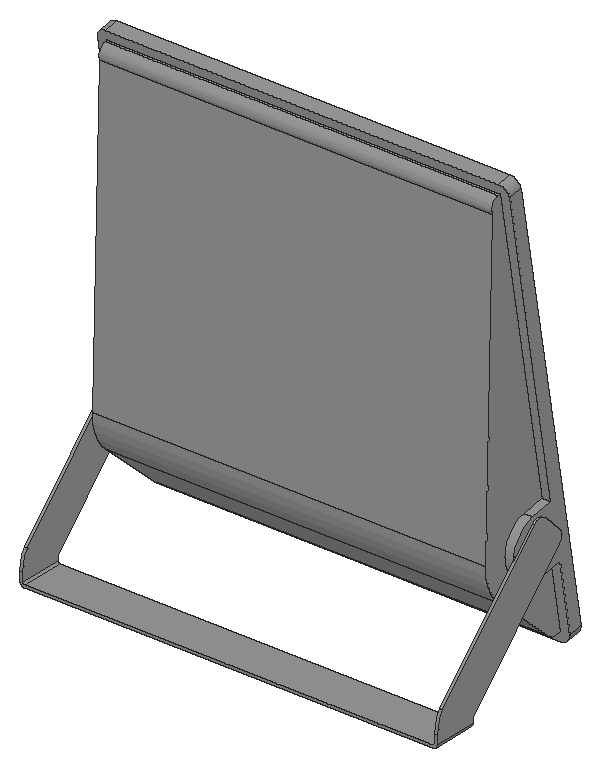
Revit family "0048214", category Lighting Fixtures, host Face, Revit 2017
Family settings
  Host = Face
  Round Connector Dimension = Use Diameter
  Part Type = Normal
  OmniClass Number = 23.80.70.00
  OmniClass Title = Lighting
  Cut with Voids When Loaded = No
  Light Source = No
  Shared = No
  Room Calculation Point = No
Parameters (values of type "0048214 Start Flood IP66 42000lm 740 WB")
  WingRadius_SYL = 10 mm
  WingLength_SYL = if([50W_SYL], 100 mm, if([100W_SYL], 142 mm, if([150W_SYL], 142 mm, if([200W_SYL], 150 mm, 170 mm))))  # 170 mm
  WidthBracket_SYL = 45 mm
  Weight = "9.6 kg"
  Wattage Comments = ""
  WarrantyStartDate [instance] = "n/a"
  WarrantyGuarantorParts = "n/a"
  WarrantyDurationUnit = "n/a"
  WarrantyDurationParts = "n/a"
  WarrantyDescription = "n/a"
  Voltage = 230 V
  URL = "http://www.sylvania-lighting.com"
  TypeName = "Start Flood IP66 42000lm 740 WB"
  TypeHead_SYL = START Flood IP66 300W luminaire : 0048214 Start Flood IP66 42000lm 740 WB
  Type Image = <None>
  Type Comments = "n/a"
  ThicknessBracket_SYL = 3 mm
  SerialNumber [instance] = "n/a"
  RotationAngle_SYL [instance] = -100.00°
  RadiusOutBracket_SYL = 5 mm
  RadiusInBracket_SYL = 2 mm
  Material_3_SYL = none
  PowerFactor = 0.97
  PowerConsumption = "300 W"
  NominalLength = 567 mm
  NominalHeight = 465 mm
  NominalDepth = 97 mm
  Name = "Start Flood IP66 42000lm 740 WB"
  ModelReference = Name  # "Start Flood IP66 42000lm 740 WB"
  ModelNumber = "0048214"
  Model = Name  # "Start Flood IP66 42000lm 740 WB"
  Material = "n/a"
  ManufacturerName = "Feilo Sylvania"
  Manufacturer = "Feilo Sylvania"
  LuminousEfficacy = "145.4 lm/W"
  LuminaireType = ""
  LightOutputRatio = "n/a"
  LengthIn_SYL = if([50W_SYL], 210 mm, if([100W_SYL], 300 mm, if([150W_SYL], 295 mm, if([200W_SYL], 360 mm, 430 mm))))  # 430 mm
  LampsType = Lamp  # "LED"
  LampNominalLuminous = "43619 m"
  LampMacAdamStep = "n/a"
  LampColourTemperature = "4000 K"
  LampColourRenderingIndex = "70"
  Lamp = "LED"
  Keynote = "16500"
  InstallationDate [instance] = "n/a"
  InputVoltage = "n/a"
  InputNominalFrequency = "n/a"
  IngressProtection = "IP66"
  ImpactProtectionIndex = "IK08"
  IfcExportType = "IfcLightFixtureType"
  IfcExportAs = "IfcLightFixtureType"
  EndAngle_SYL [instance] = RotationAngle_SYL + 180.00°  # 80.00°
  ElectricShockClassification = "Class I"
  DocumentationLiterature = "http://www.sylvania-lighting.com/product/en-int/products/0048214"
  DimmingControlOptions = "n/a"
  Material_2_SYL = none
  Description = ""
  Default Elevation = 1219.2 mm
  CreatedOn = "2/1/2019"
  CreatedBy = "@sylvania-lighting.com"
  Cost = 0
  built-in parameter 1114216 [instance] = (empty or 0)
  ClassificationValue = "EF_70_80"
  ClassificationName = "Uniclass2015"
  Material_1_SYL = Steel, Paint Finish, Dark Gray, Matte
  BarCode [instance] = "n/a"
  AxisOffsetWingEnd_SYL = WidthBracket_SYL / 2  # 22.5 mm
  AxisHeight_SYL = sin(45.00°) * WingLength_SYL  # 120.208 mm
  AxisDepth_SYL = cos(45.00°) * (WingLength_SYL - tan(45.00°) * AxisOffsetWingEnd_SYL - AxisOffsetWingEnd_SYL)  # 88.388 mm
  AssetType = "Fixed"
  AssetIdentifier [instance] = "n/a"
  Assembly Code = "D5020200"
  Apparent Load = 300 VA
  Material_4_SYL = none
  50W_SYL = no
  200W_SYL = no
  150W_SYL = no
  100W_SYL = no
Reference planes
  plane 1 "Center (Front/Back)": y = 0
  plane 2: z = 0
  plane 3 "Center (Left/Right)": x = 0
  plane 4: x = 218
  plane 5: x = -218
  plane 6: x = 215
  plane 7: x = -215
  plane 8: z = 10
  plane 9: y = 22.5
  plane 10: y = -22.5
  plane 11: z = 3
  plane 12: z = 130.208
  plane 13: y = 110.888
Forms (mm)
  Extrusion 1, solid, material "Steel, Paint Finish, Dark Gray, Matte" <- "Material_1_SYL"
    sketch origin (0, 0, 0) x (1, 0, 0) y (0, 0, 1)
      loop
        arc (213, 0) -> (216.536, 1.464) -> (218, 5) r 5
        line (218, 5) -> (218, 10) -> (215, 10) -> (215, 5)
        arc (215, 5) -> (214.414, 3.586) -> (213, 3) r 2
        line (213, 3) -> (-213, 3)
        arc (-213, 3) -> (-214.414, 3.586) -> (-215, 5) r 2
        line (-215, 5) -> (-215, 10) -> (-218, 10) -> (-218, 5)
        arc (-218, 5) -> (-216.536, 1.464) -> (-213, 0) r 5
        line (-213, 0) -> (213, 0)
    from -22.5 to 22.5
  Extrusion 2, solid, material "Steel, Paint Finish, Dark Gray, Matte" <- "Material_1_SYL"
    sketch origin (215, -4572, 2609.058) x (0, 0, 1) y (0, -1, 0)
      loop
        line (-2599.058, -4594.5) -> (-2485.921, -4707.637)
        arc (-2485.921, -4707.637) -> (-2478.85, -4710.566) -> (-2471.779, -4707.637) r 10
        line (-2471.779, -4707.637) -> (-2454.101, -4689.959)
        arc (-2454.101, -4689.959) -> (-2451.172, -4682.888) -> (-2454.101, -4675.817) r 10
        line (-2454.101, -4675.817) -> (-2574.561, -4555.358)
        arc (-2574.561, -4555.358) -> (-2584.325, -4550.994) -> (-2594.916, -4549.5) r 38.295
        line (-2594.916, -4549.5) -> (-2599.058, -4549.5) -> (-2599.058, -4594.5)
    from 0 to 3
  Extrusion 3, solid, material "Steel, Paint Finish, Dark Gray, Matte" <- "Material_1_SYL"
    sketch origin (-218, -4572, 2609.058) x (0, 0, 1) y (0, -1, 0)
      loop
        arc (-2485.921, -4707.637) -> (-2478.85, -4710.566) -> (-2471.779, -4707.637) r 10
        line (-2471.779, -4707.637) -> (-2454.101, -4689.959)
        arc (-2454.101, -4689.959) -> (-2451.172, -4682.888) -> (-2454.101, -4675.817) r 10
        line (-2454.101, -4675.817) -> (-2574.561, -4555.358)
        arc (-2574.561, -4555.358) -> (-2584.325, -4550.994) -> (-2594.916, -4549.5) r 38.295
        line (-2594.916, -4549.5) -> (-2604.058, -4549.5) -> (-2604.058, -4594.5) -> (-2599.058, -4594.5) -> (-2485.921, -4707.637)
    from 0 to 3
  Revolve 4, solid, not visible
    sketch origin (1223.4, -4572, 130.208) x (0, -1, 0) y (1, 0, 0)
      loop
        line (-4682.888, -1223.4) -> (-4697.888, -1223.4) -> (-4697.888, -1273.4) -> (-4682.888, -1273.4) -> (-4682.888, -1223.4)
      axis (-4682.888, -1223.4) -> (-4682.888, -1273.4)
    angle from -100 <- "RotationAngle_SYL" to 80 <- "EndAngle_SYL"
Cuts and joins
  joined: Extrusion 1, Extrusion 2, Extrusion 3
Lines and regions (mm)
  reference lines
    curve 1: line (0, 22.5, 10) -> (0, 174.528, 162.028)
    curve 2: line (0, 131.244, 182.383) -> (0, -22.5, 28.64)
    curve 3: line (0, 110.888, 162.028) -> (0, 142.708, 130.208)
    curve 4: line (-218, 4.393, 23.713) -> (-218, 172.635, 191.954)
    curve 5: line (0, 94.978, 146.118) -> (0, 126.798, 114.298)
Dimensions and locks
  locked: plane 8 to plane 2 at 10
  equal spacing: plane 10, plane 1 "Center (Front/Back)", plane 9
  "WidthBracket_SYL": plane 10 to plane 9
  "WidthBracket_SYL": curve 1 to curve 2
  "ThicknessBracket_SYL": plane 11 to plane 2
  "WingLength_SYL": curve 1 to curve 3
  level to Extrusion 1 = 10 mm
  equal spacing: plane 6, plane 3 "Center (Left/Right)", plane 7
  "LengthIn_SYL": plane 6 to plane 7
  equal spacing: plane 4, plane 3 "Center (Left/Right)", plane 5
  "ThicknessBracket_SYL": plane 7 to plane 5
  equal spacing: curve 1, curve 4, curve 2
  "AxisOffsetWingEnd_SYL": curve 3 to curve 5
  "AxisHeight_SYL": plane 12 to plane 8
  "AxisDepth_SYL": plane 9 to plane 13
  "RadiusInBracket_SYL": radius of Extrusion 1 sketch curve  (x2)
  "RadiusOutBracket_SYL": radius of Extrusion 1 sketch curve  (x2)
  "WingRadius_SYL": radius of Extrusion 2 sketch curve  (x2)
  locked: plane 8 to curve 1 (angle 45.00°)
  locked: plane 8 to curve 2 (angle 45.00°)
  aligned and locked: plane 2 to host face
  aligned and locked: level to host face
  aligned and locked: plane 9 to curve 1
  aligned and locked: plane 8 to curve 1
  aligned and locked: plane 10 to curve 2
  aligned and locked: plane 5 to Extrusion 1 sketch curve
  aligned and locked: plane 8 to Extrusion 1 sketch curve  (x2)
  aligned and locked: Extrusion 1 sketch curve to plane 7
  aligned and locked: plane 11 to Extrusion 1 sketch curve
  aligned and locked: plane 6 to Extrusion 1 sketch curve
  aligned and locked: Extrusion 1 sketch curve to plane 4
  aligned and locked: Extrusion 1 to plane 9
  aligned and locked: plane 10 to Extrusion 1
  aligned and locked: Extrusion 2 sketch curve to curve 1
  aligned and locked: curve 2 to Extrusion 2 sketch curve
  aligned and locked: plane 10 to Extrusion 2 sketch curve
  aligned and locked: Extrusion 2 sketch curve to Extrusion 1
  aligned and locked: plane 4 to Extrusion 2
  aligned and locked: Extrusion 2 to plane 6
  aligned and locked: plane 7 to Extrusion 3
  aligned and locked: Extrusion 3 to plane 5
  aligned and locked: cut or joined group of Extrusion 1, Extrusion 2, Extrusion 3 to curve 5  (x2)
  aligned and locked: Revolve 4 sketch curve to plane 13  (x2)
  aligned and locked: Revolve 4 sketch curve to curve 3
  aligned and locked: curve 2 to plane 3 "Center (Left/Right)"
  aligned and locked: Extrusion 3 sketch curve to cut or joined group of Extrusion 1, Extrusion 2, Extrusion 3  (x5)
  aligned and locked: cut or joined group of Extrusion 1, Extrusion 2, Extrusion 3 to Extrusion 3 sketch curve
  aligned and locked: nested 1 to plane 3 "Center (Left/Right)"
Automatic sketch dimensions
  host sketch curve to host sketch curve = 2438.4 mm  (x2)
  curve 4 to plane 1 "Center (Front/Back)" = 4.393 mm
  curve 4 to plane 9 = 150.135 mm
  Revolve 4 sketch curve to Revolve 4 sketch curve = 15 mm
  Revolve 4 sketch curve to plane 3 "Center (Left/Right)" = 50 mm
  Revolve 4 sketch curve to plane 5 = 1316.635 mm
  plane 4 to Revolve 4 sketch curve = 1441.773 mm
  Extrusion 3 sketch curve to plane 10 = 5.858 mm
  plane 12 to Extrusion 3 sketch curve = 7.071 mm
  Extrusion 3 sketch curve to plane 12 = 7.071 mm
  Extrusion 3 sketch curve to Extrusion 3 sketch curve = 7.071 mm
  plane 13 to Extrusion 3 sketch curve = 7.071 mm
  Extrusion 1 sketch curve to Extrusion 1 sketch curve = 0 mm  (x2)
  plane 12 to Extrusion 2 sketch curve = 0 mm
  Extrusion 2 sketch curve to plane 13 = 0 mm
  Extrusion 2 sketch curve to Extrusion 2 sketch curve = 4.142 mm
  Extrusion 2 sketch curve to plane 10 = 5.858 mm
  plane 12 to Extrusion 2 sketch curve = 7.071 mm
  Extrusion 2 sketch curve to plane 12 = 7.071 mm
  plane 13 to Extrusion 2 sketch curve = 7.071 mm
  Extrusion 2 sketch curve to plane 13 = 7.071 mm
Nested families
  nested 1: "START Flood IP66 300W luminaire" at (0, 110.888, 130.208) x (-1, 0, 0) z (0, 0.9848, 0.1736), type <- "TypeHead_SYL", type "0048214 Start Flood IP66 42000lm 740 WB"
    with built-in parameter 1114216 (empty or 0), Apparent Load 300 VA
Connectors
  electrical at (4.2, 0, 0), driven by "Voltage", driven by "Apparent Load", driven by "PowerFactor"
    settings: on host face, index 1, voltage 230 V, apparent load 300 VA, apparent load phase1 0 VA, apparent load phase2 0 VA, apparent load phase3 0 VA, power factor 0.97, load classification "Other", number of poles 1, system type 30, power factor state 1, is connector primary yes, connector utility no, sub classification motor no, connector description ""
Definition of nested family "START Flood IP66 300W luminaire"
  Parameters (values of type "0048215 Start Flood IP66 42000lm 740 ASYM")
    WidthHead_SYL = if([50W_SYL], 210 mm, if([100W_SYL], 300 mm, if([150W_SYL], 295 mm, if([200W_SYL], 360 mm, 430 mm))))  # 430 mm
    Wattage Comments = "n/a"
    Wattage = 296 W
    built-in parameter 1150110 = 1 (stored number, unit not read)
    URL = "http://www.sylvania-lighting.com"
    Type Image = (empty or 0)
    Type Comments = "n/a"
    built-in parameter 1114217 = 1 (stored number, unit not read)
    Tilt Angle = -90.00°
    built-in parameter 1150109 = 1 (stored number, unit not read)
    built-in parameter 1150134 = 12
    built-in parameter 1150113 = 1 (stored number, unit not read)
    ScreenThickness_SYL = 14.5 mm  # constant formula
    ReflectorOffset_SYL = 12 mm  # constant formula
    ReflectorOffsetIn_SYL = RadiusReflectorFront_SYL  # 35 mm
    ReflectorHeight_SYL = if([50W_SYL], 145 mm, if([100W_SYL], 165 mm, if([150W_SYL], 210 mm, if([200W_SYL], 240 mm, 290 mm))))  # 290 mm
    RadiusReflectorIn_SYL = 5 mm  # constant formula
    RadiusReflectorFront_SYL = if([50W_SYL], 30 mm, if([100W_SYL], 30 mm, if([150W_SYL], 30 mm, if([200W_SYL], 30 mm, 35 mm))))  # 35 mm
    RadiusHinge_SYL = RadiusBack_SYL / 1.8  # 30.556 mm
    RadiusBack_SYL = if([50W_SYL], 31.3 mm, if([100W_SYL], 40 mm, if([150W_SYL], 40 mm, if([200W_SYL], 50 mm, 55 mm))))  # 55 mm
    Photometric Web File = "0048215.ies"
    OffsetBack_SYL = 10 mm  # constant formula
    Material_5_SYL = none
    Material_3_SYL = none
    Model = "Start Flood IP66 42000lm 740 ASYM"
    Manufacturer = "Feilo Sylvania"
    built-in parameter 1150105 = 21381.3 (stored number, unit not read)
    Lumens = 41144 lm
    built-in parameter 1150115 = 1 (stored number, unit not read)
    built-in parameter 1150137 = (empty or 0)
    built-in parameter 1150139 = (empty or 0)
    built-in parameter 1150112 = 1 (stored number, unit not read)
    built-in parameter 1150114 = 1 (stored number, unit not read)
    Lamp = "LED"
    Keynote = "16500"
    Material_2_SYL = none
    built-in parameter 1150132 = (empty or 0)
    built-in parameter 1150102 = (empty or 0)
    built-in parameter 1150107 = 4000 (stored number, unit not read)
    built-in parameter 1150138 = (empty or 0)
    built-in parameter 1150106 = 213.81 (stored number, unit not read)
    HeightHead_SYL = if([50W_SYL], 250 mm, if([100W_SYL], 320 mm, if([150W_SYL], 367 mm, if([200W_SYL], 400 mm, 470 mm))))  # 470 mm
    Emit from Rectangle Width = WidthHead_SYL - 4 mm - ReflectorOffset_SYL * 2 - ReflectorOffsetIn_SYL * 2  # 332 mm
    Emit from Rectangle Length = ReflectorHeight_SYL - ReflectorOffsetIn_SYL * 2  # 220 mm
    Emit Shape Visible in Rendering = no
    built-in parameter 1150104 = 12.914 (stored number, unit not read)
    Dimming Lamp Color Temperature Shift = (empty or 0)
    Description = ""
    Default Elevation = 1219.2 mm
    Cost = 0
    Color Filter = 16777215
    built-in parameter 1114216 [instance] = (empty or 0)
    Material_1_SYL = none
    Chamfer_SYL = if([50W_SYL], 15 mm, if([100W_SYL], 15 mm, if([150W_SYL], 15 mm, if([200W_SYL], 15 mm, 20 mm))))  # 20 mm
    built-in parameter 1114218 = 1 (stored number, unit not read)
    AxisOffsetBottom_SYL = if([50W_SYL], 68 mm, if([100W_SYL], 80 mm, if([150W_SYL], 92.2 mm, if([200W_SYL], 99.7 mm, 117 mm))))  # 117 mm
    AxisOffsetFront_SYL = if([50W_SYL], 28.4 mm, if([100W_SYL], 33.2 mm, if([150W_SYL], 33.2 mm, if([200W_SYL], 32.9 mm, 38.3 mm))))  # 38.3 mm
    built-in parameter 1150133 = 10 (stored number, unit not read)
    Assembly Code = "D5020200"
    Apparent Load = 296 VA
    Material_4_SYL = none
    50W_SYL = no
    200W_SYL = no
    150W_SYL = no
    100W_SYL = no
  Types (2, lengths in mm): name | Photometric Web File | Model | built-in parameter 1150105 | Lumens | built-in parameter 1150106 | built-in parameter 1150104
    0048215 Start Flood IP66 42000lm 740 ASYM | "0048215.ies" | "Start Flood IP66 42000lm 740 ASYM" | 21381.3 (stored number, unit not read) | 41144 lm | 213.81 (stored number, unit not read) | 12.914 (stored number, unit not read)
    0048214 Start Flood IP66 42000lm 740 WB | "0048214.ies" | "Start Flood IP66 42000lm 740 WB" | 47398.7 (stored number, unit not read) | 42920 lm | 473.99 (stored number, unit not read) | 13.471 (stored number, unit not read)
  Reference planes
    plane 1 "Center (Front/Back)": y = 0
    plane 2: z = 0
    plane 3 "Center (Left/Right)": x = 0
    plane 4: x = 215
    plane 5: x = -215
    plane 6: y = -117
    plane 7: y = 353
    plane 8: z = 38.3
    plane 9: z = 23.8
    plane 10: y = 343
    plane 11: y = -107
    plane 12: x = -205
    plane 13: x = 205
    plane 14: x = -213
    plane 15: y = 351
    plane 16: x = 213
    plane 17: y = -115
    plane 18: y = 331
    plane 19: x = 193
    plane 20: x = -193
    plane 21: y = -95
    plane 22: z = 36.3
    plane 23: z = 13.8
    plane 24: x = -201
    plane 25: y = 339
    plane 26: x = 201
    plane 27: y = 49
    plane 28: x = -166
    plane 29: y = 84
    plane 30: x = 166
    plane 31: y = 304
    plane 32: y = 194
  Forms (mm)
    Extrusion 1, solid
      sketch origin (4.2, 0, 0) x (1, 0, 0) y (0, 1, 0)
        loop
          line (-1219.2, 1219.2) -> (-1219.2, -1219.2) -> (1219.2, -1219.2) -> (1219.2, 1219.2) -> (-1219.2, 1219.2)
      from 0 to -68.017
    Extrusion 2, solid, material <- "Material_1_SYL"
      sketch origin (0, 1219.2, 38.3) x (1, 0, 0) y (0, -1, 0)
        loop
          line (-205, 866.2) -> (205, 866.2)
          arc (205, 866.2) -> (212.071, 869.129) -> (215, 876.2) r 10
          line (215, 876.2) -> (215, 1326.2)
          arc (215, 1326.2) -> (212.071, 1333.271) -> (205, 1336.2) r 10
          line (205, 1336.2) -> (-205, 1336.2)
          arc (-205, 1336.2) -> (-212.071, 1333.271) -> (-215, 1326.2) r 10
          line (-215, 1326.2) -> (-215, 876.2)
          arc (-215, 876.2) -> (-212.071, 869.129) -> (-205, 866.2) r 10
      from 0 to 14.5
    Extrusion 3, void
      sketch origin (0, 1219.2, 38.3) x (1, 0, 0) y (0, -1, 0)
        loop
          line (-193, 868.2) -> (193, 868.2) -> (213, 888.2) -> (213, 1314.2) -> (193, 1334.2) -> (-193, 1334.2) -> (-213, 1314.2) -> (-213, 888.2) -> (-193, 868.2)
      from 0 to 2
    Blend 4, void
      base sketch origin (0, 1219.2, 36.3) x (0, -1, 0) y (1, 0, 0)
        loop
          arc (880.2, -166) -> (890.451, -190.749) -> (915.2, -201) r 35
          line (915.2, -201) -> (1135.2, -201)
          arc (1135.2, -201) -> (1159.949, -190.749) -> (1170.2, -166) r 35
          line (1170.2, -166) -> (1170.2, 166)
          arc (1170.2, 166) -> (1159.949, 190.749) -> (1135.2, 201) r 35
          line (1135.2, 201) -> (915.2, 201)
          arc (915.2, 201) -> (890.451, 190.749) -> (880.2, 166) r 35
          line (880.2, 166) -> (880.2, -166)
      top sketch origin (0, 1219.2, 36.3) x (0, -1, 0) y (1, 0, 0)
        loop
          arc (915.2, -163) -> (917.044, -165.183) -> (919.783, -166) r 5
          line (919.783, -166) -> (1130.2, -166)
          arc (1130.2, -166) -> (1133.736, -164.536) -> (1135.2, -161) r 5
          line (1135.2, -161) -> (1135.2, 161)
          arc (1135.2, 161) -> (1133.736, 164.536) -> (1130.2, 166) r 5
          line (1130.2, 166) -> (920.2, 166)
          arc (920.2, 166) -> (916.664, 164.536) -> (915.2, 161) r 5
          line (915.2, 161) -> (915.2, -163)
      from 0 to -22.5
    Extrusion 5, solid, material <- "Material_1_SYL"
      sketch origin (0, 0, 0) x (0, 1, 0) y (0, 0, 1)
        loop
          line (-107, 23.8) -> (-107, 18.572)
          arc (-107, 18.572) -> (-106.025, 14.265) -> (-103.291, 10.798) r 10
          line (-103.291, 10.798) -> (-33.861, -43.341)
          arc (-33.861, -43.341) -> (-12.595, -53.539) -> (10.987, -53.891) r 55
          line (10.987, -53.891) -> (330.006, 12.163)
          arc (330.006, 12.163) -> (338.918, 13.644) -> (343, 21.705) r 10
          line (343, 21.705) -> (343, 23.8) -> (-107, 23.8)
      from -205 to 205
    Extrusion 6, solid, material <- "Material_4_SYL"
      sketch origin (0, 1219.2, 36.3) x (1, 0, 0) y (0, -1, 0)
        loop
          line (193, 868.2) -> (213, 888.2) -> (213, 1314.2) -> (193, 1334.2) -> (-193, 1334.2) -> (-213, 1314.2) -> (-213, 888.2) -> (-193, 868.2) -> (193, 868.2)
      from -2 to 0
    Extrusion 7, solid, material <- "Material_1_SYL"
      sketch origin (0, 0, 0) x (0, 1, 0) y (0, 0, 1)
        loop
          arc (-30.556, 0) -> (0, -30.556) -> (30.556, 0) r 30.556
          line (30.556, 0) -> (30.556, 23.8) -> (-30.556, 23.8) -> (-30.556, 0)
      from -215 to 215
  Cuts and joins
    Extrusion 3, Blend 4 cuts Extrusion 2
    joined: Extrusion 2, Extrusion 5, Extrusion 7
  Lines and regions (mm)
    Split face 1
      outline origin (0, 1219.2, 38.3) x (1, 0, 0) y (0, 1, 0)
        loop
          arc (166, -1170.2) -> (190.749, -1159.949) -> (201, -1135.2) r 35
          line (201, -1135.2) -> (201, -915.2)
          arc (201, -915.2) -> (190.749, -890.451) -> (166, -880.2) r 35
          line (166, -880.2) -> (-166, -880.2)
          arc (-166, -880.2) -> (-190.749, -890.451) -> (-201, -915.2) r 35
          line (-201, -915.2) -> (-201, -1135.2)
          arc (-201, -1135.2) -> (-190.749, -1159.949) -> (-166, -1170.2) r 35
          line (-166, -1170.2) -> (166, -1170.2)
    reference lines
      curve 1: circle (0, 0, 0) r 55 normal (1, 0, 0)
      curve 2: line (-166, 339, 38.3) -> (166, 339, 38.3)
      curve 3: line (-201, 84, 38.3) -> (-201, 304, 38.3)
      curve 4: line (166, 49, 38.3) -> (-166, 49, 38.3)
      curve 5: line (201, 304, 38.3) -> (201, 84, 38.3)
      curve 6: arc (-166, 339, 38.3) -> (-190.749, 328.749, 38.3) -> (-201, 304, 38.3) r 35
      curve 7: arc (166, 339, 38.3) -> (190.749, 328.749, 38.3) -> (201, 304, 38.3) r 35
      curve 8: arc (-201, 84, 38.3) -> (-190.749, 59.251, 38.3) -> (-166, 49, 38.3) r 35
      curve 9: arc (166, 49, 38.3) -> (190.749, 59.251, 38.3) -> (201, 84, 38.3) r 35
      curve 10: line (-163, 304, 38.3) -> (161, 304, 38.3)
      curve 11: line (-166, 89, 38.3) -> (-166, 299.417, 38.3)
      curve 12: line (161, 84, 38.3) -> (-161, 84, 38.3)
      curve 13: line (166, 299, 38.3) -> (166, 89, 38.3)
      curve 14: arc (-163, 304, 38.3) -> (-165.183, 302.156, 38.3) -> (-166, 299.417, 38.3) r 5
      curve 15: arc (-161, 84, 38.3) -> (-164.536, 85.464, 38.3) -> (-166, 89, 38.3) r 5
      curve 16: arc (166, 89, 38.3) -> (164.536, 85.464, 38.3) -> (161, 84, 38.3) r 5
      curve 17: arc (161, 304, 38.3) -> (164.536, 302.536, 38.3) -> (166, 299, 38.3) r 5
      curve 18: circle (0, 0, 0) r 30.556 normal (1, 0, 0)
  Dimensions and locks
    equal spacing: plane 4, plane 3 "Center (Left/Right)", plane 5
    "WidthHead_SYL": plane 4 to plane 5
    "AxisOffsetBottom_SYL": plane 6 to plane 1 "Center (Front/Back)"
    "HeightHead_SYL": plane 6 to plane 7
    "AxisOffsetFront_SYL": plane 8 to plane 2
    "ScreenThickness_SYL": plane 9 to plane 8
    equal spacing: plane 12, plane 3 "Center (Left/Right)", plane 13
    "OffsetBack_SYL": plane 5 to plane 12
    "OffsetBack_SYL": plane 10 to plane 7
    "OffsetBack_SYL": plane 6 to plane 11
    locked: plane 6 to plane 17 at 2
    locked: plane 16 to plane 4 at 2
    locked: plane 5 to plane 14 at 2
    locked: plane 15 to plane 7 at 2
    "Chamfer_SYL": plane 19 to plane 16
    "Chamfer_SYL": plane 14 to plane 20
    "Chamfer_SYL": plane 18 to plane 15
    locked: plane 22 to plane 8 at 2
    "Chamfer_SYL": plane 17 to plane 21
    locked: plane 23 to plane 9 at 10
    equal spacing: plane 24, plane 3 "Center (Left/Right)", plane 26
    "ReflectorOffset_SYL": plane 25 to plane 15
    "ReflectorHeight_SYL": plane 27 to plane 25
    "ReflectorOffset_SYL": plane 14 to plane 24
    "ReflectorOffsetIn_SYL": plane 31 to plane 25
    "ReflectorOffsetIn_SYL": plane 24 to plane 28
    "ReflectorOffsetIn_SYL": plane 27 to plane 29
    "ReflectorOffsetIn_SYL": plane 30 to plane 26
    level to Extrusion 7 = 23.8 mm
    equal spacing: plane 29, plane 32, plane 31
    "RadiusBack_SYL": radius of curve 1
    "OffsetBack_SYL": radius of Extrusion 2 sketch curve  (x4)
    "RadiusReflectorFront_SYL": radius of curve 6
    "RadiusReflectorFront_SYL": radius of curve 8
    "RadiusReflectorFront_SYL": radius of curve 9
    "RadiusReflectorFront_SYL": radius of curve 7
    "RadiusReflectorIn_SYL": radius of curve 14
    "RadiusReflectorIn_SYL": radius of curve 15
    "RadiusReflectorIn_SYL": radius of curve 16
    "RadiusReflectorIn_SYL": radius of curve 17
    radius of Extrusion 5 sketch curve = 10 mm  (x2)
    "RadiusHinge_SYL": radius of curve 18
    aligned and locked: plane 2 to Extrusion 1
    aligned and locked: level to Extrusion 1
    aligned and locked: Extrusion 2 sketch curve to plane 7
    aligned and locked: plane 12 to Extrusion 2 sketch curve  (x2)
    aligned and locked: plane 13 to Extrusion 2 sketch curve  (x2)
    aligned and locked: plane 10 to Extrusion 2 sketch curve
    aligned and locked: plane 11 to Extrusion 2 sketch curve  (x2)
    aligned and locked: plane 9 to Extrusion 2
    aligned and locked: Extrusion 2 to plane 8
    aligned and locked: plane 20 to Extrusion 3 sketch curve
    aligned and locked: plane 18 to Extrusion 3 sketch curve
    aligned and locked: plane 14 to Extrusion 3 sketch curve
    aligned and locked: plane 17 to Extrusion 3 sketch curve
    aligned and locked: Extrusion 3 sketch curve to plane 16
    aligned and locked: plane 19 to Extrusion 3 sketch curve
    aligned and locked: plane 15 to Extrusion 3 sketch curve
    aligned and locked: plane 22 to Extrusion 3
    aligned and locked: Extrusion 3 to plane 8
    aligned and locked: curve 2 to plane 25
    aligned and locked: curve 3 to plane 24
    aligned and locked: plane 27 to curve 4
    aligned and locked: plane 26 to curve 5
    aligned and locked: curve 10 to plane 31
    aligned and locked: curve 11 to plane 28
    aligned and locked: plane 29 to curve 12
    aligned and locked: plane 30 to curve 13
    aligned and locked: Blend 4 sketch curve to curve 6
    aligned and locked: Blend 4 sketch curve to curve 8
    aligned and locked: Blend 4 sketch curve to curve 9
    aligned and locked: Blend 4 sketch curve to curve 7
    aligned and locked: Blend 4 sketch curve to curve 10
    aligned and locked: Blend 4 sketch curve to curve 17
    aligned and locked: Blend 4 sketch curve to curve 16
    aligned and locked: Blend 4 sketch curve to curve 15
    aligned and locked: Blend 4 sketch curve to curve 14
    aligned and locked: Blend 4 to plane 22
    aligned and locked: Extrusion 5 sketch curve to curve 1
    aligned and locked: Extrusion 5 to plane 12
    aligned and locked: plane 13 to Extrusion 5
    aligned and locked: plane 23 to Blend 4
    aligned and locked: Extrusion 6 sketch curve to cut or joined group of Extrusion 2, Extrusion 3, Blend 4, Extrusion 5, Extrusion 7  (x8)
    aligned and locked: plane 22 to Extrusion 6
    aligned and locked: Extrusion 6 to plane 8
    aligned and locked: Split face 1 sketch curve to cut or joined group of Extrusion 2, Extrusion 3, Blend 4, Extrusion 5, Extrusion 7  (x4)
    aligned and locked: Extrusion 7 sketch curve to curve 18
    aligned and locked: plane 9 to Extrusion 7 sketch curve  (x2)
    aligned and locked: plane 4 to Extrusion 7
    aligned and locked: Extrusion 7 to plane 5
    aligned and locked: plane 3 "Center (Left/Right)" to imposter light
    aligned and locked: plane 32 to imposter light
    aligned and locked: imposter light to plane 8
  Automatic sketch dimensions
    Extrusion 1 sketch curve to Extrusion 1 sketch curve = 2438.4 mm  (x2)
    Extrusion 3 sketch curve to plane 20 = 0 mm
    Extrusion 3 sketch curve to plane 19 = 0 mm
    plane 21 to Extrusion 3 sketch curve = 0 mm  (x2)
    plane 18 to Extrusion 3 sketch curve = 0 mm
    plane 28 to curve 10 = 3 mm
    plane 23 to Extrusion 5 sketch curve = 3.002 mm
    plane 18 to Extrusion 5 sketch curve = 0.994 mm
    Extrusion 5 sketch curve to plane 11 = 0 mm
    Extrusion 5 sketch curve to plane 10 = 0 mm
    plane 9 to Extrusion 5 sketch curve = 0 mm
    Extrusion 5 sketch curve to plane 11 = 3.709 mm
    plane 1 "Center (Front/Back)" to Extrusion 5 sketch curve = 33.861 mm
    Extrusion 5 sketch curve to plane 1 "Center (Front/Back)" = 10.987 mm
    plane 23 to Extrusion 5 sketch curve = 1.637 mm
    curve 1 to curve 18 = 0 mm  (x2)
    curve 18 to level = 0 mm
    curve 18 to plane 1 "Center (Front/Back)" = 0 mm
    Extrusion 7 sketch curve to level = 0 mm
